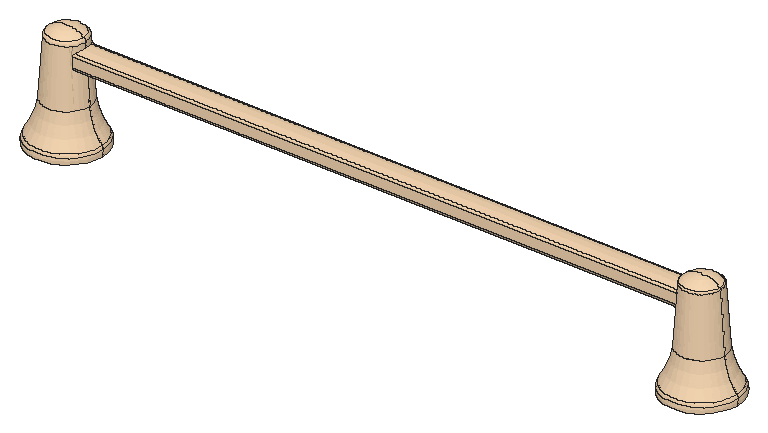
Revit family "Accessory-Towel_Bar-KOHLER-Tempered-K-21952_1", category Specialty Equipment, host Face, Revit 2022
Family settings
  Host = Face
  Round Connector Dimension = Use Diameter
  Part Type = Normal
  OmniClass Number = 23.31.25.25
  OmniClass Title = Towel Bars
  Cut with Voids When Loaded = No
  Maintain Annotation Orientation = No
  Shared = No
  Room Calculation Point = No
Parameters (values of type "2MB-Vibrant Brushed Moderne Brass")
  Width = 18 1/32"  # constant formula
  WaterSense Certified = 1 = 0  # no
  URL = "https://www.us.kohler.com/us/"
  Type = 1
  Product Page URL = "http://www.us.kohler.com/us/catalog/productDetails.jsp?productId=21952"
  Product Name = "Tempered"  # constant formula
  Product Documentation Link = "https://www.us.kohler.com/webassets/kpna/catalog/pdf/en/K-21952_spec_US-CA_Kohler_en.pdf"
  Model = if(Type = 1, "K-21952-2MB", if(Type = 2, "K-21952-BL", if(Type = 3, "K-21952-BN", if(Type = 4, "K-21952-CP", if(Type = 5, "K-21952-SN", "NA")))))  # "K-21952-2MB"
  Material = "Premium Metal Construction"  # constant formula
  Master Format 2014 Name = "Toilet, Bath, and Laundry Accessories"  # constant formula
  Master Format 2014 = "10 28 00"  # constant formula
  Manufacturer Address = "444 Highland Dr, Kohler, WI 53044"  # constant formula
  Manufacturer = "Kohler Co."  # constant formula
  Length = 2 127/128"  # constant formula
  Height = 2 3/64"  # constant formula
  Finish = Kohler-Metal-2MB-Vibrant_Brushed_Moderne_Brass
  Environmental Product Declaration = ""
  Description = "18-inch towel bar"  # constant formula
  Default Elevation = 42"
  Declare Label = ""
  Date Modified = "04/01/2022"  # constant formula
  Date Created = "04/01/2022"  # constant formula
  Copyright = "Copyright Kohler Co."  # constant formula
  Contact Us = "https://www.us.kohler.com/us/static/contact.jsp"
  Assembly Code = "C1030200"
  ADA Compliant = 1 = 0  # no
Types (6): name | Type | Model | Finish
  (no name) | 1 | "K-21952-2MB" | Kohler-Metal-2MB-Vibrant_Brushed_Moderne_Brass
  CP-Polished Chrome | 4 | "K-21952-CP" | Kohler-Metal-CP-Polished_Chrome
  BN-Vibrant Brushed Nickel | 3 | "K-21952-BN" | Kohler-Metal-BN-Vibrant_Brushed_Nickel
  BL-Matte Black | 2 | "K-21952-BL" | Kohler-Metal-BL-Matte_Black
  SN-Vibrant Polished Nickel | 5 | "K-21952-SN" | Kohler-Metal-SN-Vibrant_Polished_Nickel
  2MB-Vibrant Brushed Moderne Brass | 1 | "K-21952-2MB" | Kohler-Metal-2MB-Vibrant_Brushed_Moderne_Brass
Reference planes (in)
  plane 1 "Center (Front/Back)": y = 0
  plane 2: z = 0
  plane 3 "Center (Left/Right)": x = 0
  plane 4: y = 1.02362
  plane 5: x = -10.03937
  plane 6: y = -1.02325
  plane 7: x = -9.01575
  plane 8: x = -7.99213
  plane 9: x = 10.03937
  plane 10: x = 9.0155
  plane 11: x = 7.99213
  plane 12: z = 2.99219
Dimensions and locks (in)
  "Width": plane 7 to plane 10
  "Height": plane 6 to plane 4
  "Length": plane 12 to plane 2
  aligned and locked: plane 2 to host face
  aligned and locked: level to host face
Automatic sketch dimensions
  host sketch curve to host sketch curve = 96"  (x2)
Nested families (in)
  nested 1: "K-21952" at (0, 0, 0), type "K-21952"
Definition of nested family "K-21952"
  Parameters (values of type "K-21952")
    Material = none
    Default Elevation = 0"
  Reference planes (in)
    plane 1 "Center (Front/Back)": y = 0
    plane 2: z = 0
    plane 3 "Center (Left/Right)": x = 0
    plane 4: x = -10.03937
    plane 5: x = 10.03937
    plane 6: y = 1.02362
    plane 7: y = -1.02362
    plane 8: x = -7.99213
    plane 9: x = 7.99213
    plane 10: x = -9.01575
    plane 11: x = 9.01575
    plane 12: z = 2.99213
  Forms (in)
    Revolve 1, solid, material <- "Material", detail levels medium+fine
      sketch origin (0, 0, 0) x (1, 0, 0) y (0, 0, 1)
        loop
          arc (-9.01575, 2.99213) -> (-9.27188, 2.95437) -> (-9.4994, 2.83085) r 0.74132
          arc (-9.4994, 2.83085) -> (-9.53603, 2.78501) -> (-9.54922, 2.72783) r 0.13223
          arc (-9.54922, 2.72783) -> (-9.57835, 1.93035) -> (-9.66098, 1.13663) r 11.87577
          arc (-9.66098, 1.13663) -> (-9.78002, 0.67285) -> (-10.00074, 0.24795) r 2.10605
          arc (-10.00074, 0.24795) -> (-10.02462, 0.20368) -> (-10.03937, 0.15558) r 0.25584
          arc (-10.03937, 0.15558) -> (-10.04714, 0.07779) -> (-10.03937, 0) r 0.39328
          line (-10.03937, 0) -> (-9.01575, 0) -> (-9.01575, 2.99213)
        axis (-9.01575, 0) -> (-9.01575, 2.99213)
      angle from 0 to 360
    Extrusion 2, solid, material <- "Material", detail levels medium+fine
      sketch origin (0, 0, 0) x (0, 1, 0) y (0, 0, 1)
        loop
          arc (-0.34201, 2.19387) -> (-0.33089, 2.15352) -> (-0.30066, 2.12457) r 0.07874
          arc (-0.30066, 2.12457) -> (0.00149, 2.04907) -> (0.30285, 2.12769) r 0.62938
          arc (0.30285, 2.12769) -> (0.33257, 2.15659) -> (0.34348, 2.19659) r 0.07874
          line (0.34348, 2.19659) -> (0.34348, 2.47016)
          arc (0.34348, 2.47016) -> (0.32772, 2.51743) -> (0.28675, 2.54577) r 0.07874
          arc (0.28675, 2.54577) -> (0.00074, 2.58654) -> (-0.28527, 2.54577) r 1.02353
          arc (-0.28527, 2.54577) -> (-0.32625, 2.51743) -> (-0.34201, 2.47017) r 0.07874
          line (-0.34201, 2.47017) -> (-0.34201, 2.19387)
      from -8.69258 to 8.83717
    Revolve 3, solid, material <- "Material", detail levels medium+fine
      sketch origin (0, 0, 0) x (-1, 0, 0) y (0, 0, -1)
        loop
          line (-9.01575, -2.99213) -> (-9.01575, 0) -> (-10.03937, 0)
          arc (-10.03937, 0) -> (-10.04714, -0.07779) -> (-10.03937, -0.15558) r 0.39328
          arc (-10.03937, -0.15558) -> (-10.02462, -0.20368) -> (-10.00074, -0.24795) r 0.25584
          arc (-10.00074, -0.24795) -> (-9.78002, -0.67285) -> (-9.66098, -1.13663) r 2.10605
          arc (-9.66098, -1.13663) -> (-9.57738, -1.94433) -> (-9.54917, -2.75585) r 11.87577
          arc (-9.54917, -2.75585) -> (-9.54273, -2.78551) -> (-9.5246, -2.80984) r 0.07169
          arc (-9.5246, -2.80984) -> (-9.28738, -2.94901) -> (-9.01575, -2.99213) r 0.74132
        axis (-9.01575, -2.99213) -> (-9.01575, 0)
      angle from 0 to 360
    Revolve 4, solid, material <- "Material", detail levels coarse
      sketch origin (0, 0, 0) x (1, 0, 0) y (0, 0, 1)
        loop
          line (-9.01575, 0) -> (-9.01575, 2.99213) -> (-9.56722, 2.99213) -> (-10.03937, 0.27614) -> (-10.03937, 0) -> (-9.01575, 0)
        axis (-9.01575, 2.99213) -> (-9.01575, 0)
      angle from 0 to 360
    Revolve 5, solid, material <- "Material", detail levels coarse
      sketch origin (0, 0, 0) x (-1, 0, 0) y (0, 0, -1)
        loop
          line (-9.01575, 0) -> (-10.03937, 0) -> (-10.03937, -0.27614) -> (-9.56722, -2.99213) -> (-9.01575, -2.99213) -> (-9.01575, 0)
        axis (-9.01575, -2.99213) -> (-9.01575, 0)
      angle from 0 to 360
    Extrusion 6, solid, material <- "Material", detail levels coarse
      sketch origin (0, 0, 0) x (0, 1, 0) y (0, 0, 1)
        loop
          line (0.37893, 2.04663) -> (0.37893, 2.59026) -> (-0.36711, 2.59026) -> (-0.36711, 2.04663) -> (0.37893, 2.04663)
      from -8.52872 to 8.73515
  Cuts and joins
    joined: Revolve 1, Extrusion 2, Revolve 3
    joined: Revolve 4, Revolve 5, Extrusion 6
  Lines and regions (in)
    Masking region 1
      outline origin (0, 0, 0) x (1, 0, 0) y (0, 1, 0)
        loop
          arc (-8.04343, 0.34334) -> (-10.03937, -0.00009) -> (-8.04343, -0.34353) r 1.02751
          line (-8.04343, -0.34353) -> (8.02156, -0.34353)
          arc (8.02156, -0.34353) -> (10.03937, -0.00009) -> (8.02156, 0.34334) r 1.03813
          line (8.02156, 0.34334) -> (-8.04343, 0.34334)
    Masking region 2
      outline origin (0, 0, 0) x (1, 0, 0) y (0, 0, 1)
        loop
          line (-8.46075, 2.04895) -> (8.42734, 2.04895)
          arc (8.42734, 2.04895) -> (8.41707, 1.81294) -> (8.40748, 1.5769) r 81.72198
          arc (8.40748, 1.5769) -> (8.34049, 1.04073) -> (8.18361, 0.52367) r 3.17704
          arc (8.18361, 0.52367) -> (8.1235, 0.39585) -> (8.04855, 0.27614) r 1.18003
          arc (8.04855, 0.27614) -> (8.01391, 0.21542) -> (7.99213, 0.149) r 0.3474
          arc (7.99213, 0.149) -> (7.98404, 0.0745) -> (7.99213, 0) r 0.3474
          line (7.99213, 0) -> (10.03937, 0)
          arc (10.03937, 0) -> (10.04745, 0.0745) -> (10.03937, 0.149) r 0.3474
          arc (10.03937, 0.149) -> (10.01759, 0.21542) -> (9.98295, 0.27614) r 0.3474
          arc (9.98295, 0.27614) -> (9.908, 0.39585) -> (9.84789, 0.52367) r 1.18003
          arc (9.84789, 0.52367) -> (9.69633, 1.01614) -> (9.62638, 1.52664) r 3.17704
          arc (9.62638, 1.52664) -> (9.57443, 2.13801) -> (9.56461, 2.7515) r 8.92398
          arc (9.56461, 2.7515) -> (9.56126, 2.76813) -> (9.55123, 2.78181) r 0.03937
          arc (9.55123, 2.78181) -> (9.01455, 2.98881) -> (8.47162, 2.79881) r 0.83331
          arc (8.47162, 2.79881) -> (8.45432, 2.77658) -> (8.44816, 2.74909) r 0.06441
          line (8.44816, 2.74909) -> (8.44816, 2.58657) -> (-8.48097, 2.58657) -> (-8.48097, 2.74376)
          arc (-8.48097, 2.74376) -> (-8.48889, 2.77946) -> (-8.51117, 2.80846) r 0.08444
          arc (-8.51117, 2.80846) -> (-9.03624, 2.99187) -> (-9.55123, 2.78181) r 0.78593
          arc (-9.55123, 2.78181) -> (-9.56126, 2.76813) -> (-9.56461, 2.7515) r 0.03937
          arc (-9.56461, 2.7515) -> (-9.57443, 2.13801) -> (-9.62638, 1.52664) r 8.92398
          arc (-9.62638, 1.52664) -> (-9.69633, 1.01614) -> (-9.84789, 0.52367) r 3.17704
          arc (-9.84789, 0.52367) -> (-9.908, 0.39585) -> (-9.98295, 0.27614) r 1.18003
          arc (-9.98295, 0.27614) -> (-10.01759, 0.21542) -> (-10.03937, 0.149) r 0.3474
          arc (-10.03937, 0.149) -> (-10.04745, 0.0745) -> (-10.03937, 0) r 0.3474
          line (-10.03937, 0) -> (-7.99213, 0)
          arc (-7.99213, 0) -> (-7.98404, 0.0745) -> (-7.99213, 0.149) r 0.3474
          arc (-7.99213, 0.149) -> (-8.01391, 0.21542) -> (-8.04855, 0.27614) r 0.3474
          arc (-8.04855, 0.27614) -> (-8.1235, 0.39585) -> (-8.18361, 0.52367) r 1.18003
          arc (-8.18361, 0.52367) -> (-8.34049, 1.04073) -> (-8.40748, 1.5769) r 3.17704
          arc (-8.40748, 1.5769) -> (-8.42547, 1.8139) -> (-8.46075, 2.04895) r 3.24737
    Masking region 3
      outline origin (0, 0, 0) x (0, 1, 0) y (0, 0, 1)
        loop
          arc (-0.51803, 2.79503) -> (0.00039, 2.99213) -> (0.51963, 2.7972) r 0.78466
          arc (0.51963, 2.7972) -> (0.53055, 2.78238) -> (0.5343, 2.76436) r 0.04312
          arc (0.5343, 2.76436) -> (0.55551, 1.96942) -> (0.63517, 1.1782) r 10.7976
          arc (0.63517, 1.1782) -> (0.74671, 0.71462) -> (0.94719, 0.28202) r 2.41366
          arc (0.94719, 0.28202) -> (0.98712, 0.24461) -> (1.01332, 0.19658) r 0.17256
          arc (1.01332, 0.19658) -> (1.03272, 0.09904) -> (1.02362, 0) r 0.34663
          line (1.02362, 0) -> (-1.02362, 0)
          arc (-1.02362, 0) -> (-1.03272, 0.09904) -> (-1.01332, 0.19658) r 0.34663
          arc (-1.01332, 0.19658) -> (-0.98712, 0.24461) -> (-0.94719, 0.28202) r 0.17256
          arc (-0.94719, 0.28202) -> (-0.74671, 0.71462) -> (-0.63517, 1.1782) r 2.41366
          arc (-0.63517, 1.1782) -> (-0.55551, 1.96942) -> (-0.5343, 2.76436) r 10.7976
          arc (-0.5343, 2.76436) -> (-0.53055, 2.78238) -> (-0.51963, 2.7972) r 0.04312
    symbolic lines, detail levels medium+fine
      curve 1: circle (-9.01575, 0, 0) r 0.3937 normal (0, 0, 1)
      curve 2: line (-9.98295, 0, 0.27614) -> (-8.04855, 0, 0.27614)
      curve 3: line (-9.56461, 0, 2.7515) -> (-8.48097, 0, 2.74376)
      curve 4: line (8.44816, 0, 2.74909) -> (9.56457, 0, 2.74909)
      curve 5: line (8.04855, 0, 0.27614) -> (9.98295, 0, 0.27614)
      curve 6: line (0, 1.01332, 0.19658) -> (0, -1.01332, 0.19658)
      curve 7: arc (8.42734, 0, 2.04895) -> (8.44424, 0, 2.31751) -> (8.44816, 0, 2.58657) r 5.57539
      curve 8: arc (-8.46075, 0, 2.04895) -> (-8.47755, 0, 2.31751) -> (-8.48097, 0, 2.58657) r 5.40494
      curve 9: line (-8.04343, 0.34334, 0) -> (-8.82309, 0.34334, 0)
      curve 10: line (-8.04343, -0.34353, 0) -> (-8.82343, -0.34353, 0)
      curve 11: arc (-8.1421, 0.34334, 0) -> (-9.95436, 0.01284, 0) -> (-8.15182, -0.36711, 0) r 0.9387
      curve 12: circle (9.01575, 0, 0) r 0.3937 normal (0, 0, -1)
      curve 13: line (8.04343, 0.34334, 0) -> (8.82309, 0.34334, 0)
      curve 14: line (8.04343, -0.34353, 0) -> (8.82343, -0.34353, 0)
      curve 15: arc (8.1421, 0.34334, 0) -> (9.95436, 0.01284, 0) -> (8.15182, -0.36711, 0) r 0.9387
      curve 16: line (0, 0.5343, 2.76436) -> (0, -0.5343, 2.76436)
  Dimensions and locks (in)
    aligned and locked: level to plane 2
